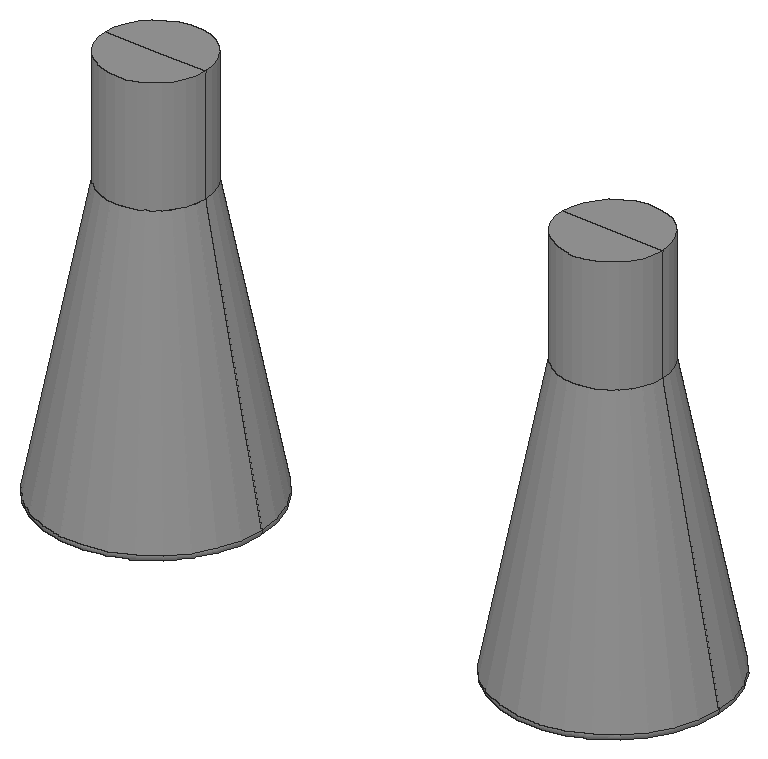
Revit family "Andreu World Reverse Conference ME5158", category Mobiliario, Revit 2014
Parameters (values of type "ME-5158 2200x1200 Laminate")
  URL = "http://www.andreuworld.com/"
  Top Thickness = 30 mm
  Top Material = Andreu World Laminated White
  Top Length = 2200 mm
  Top Base = 715 mm
  Top Width = 1200 mm
  Reference = "ME-5158"
  R Base = 190 mm
  Modelo = "Reverse Conference"
  Height = 715 mm
  Fabricante = "Andreu World"
  Descripción = "Table"
  Base position = 690 mm
  Base Material = Andreu World Thermo-polymer White
  Base Height [instance] = 715 mm
Reference planes
  plane 1 "Centro (Frontal/Posterior)": y = 0
  plane 2: z = 0
  plane 3 "Centro Base": x = 487.159
  plane 4: x = 577.159
  plane 5: x = 677.159
  plane 6 "Base Height": z = 715
  plane 7: z = 510
  plane 8: z = 10
  plane 9: x = 397.159
  plane 10: x = 297.159
  plane 11 "Top thickness": z = 745
  plane 12: z = 738
  plane 13 "Glass": z = 750
  plane 14: x = 897.159
  plane 15: x = 1307.159
  plane 16: x = 1217.159
  plane 17: x = 1117.159
  plane 18: x = 1397.159
  plane 19: x = 1497.159
  plane 20: x = -202.841
  plane 21: y = 600
  plane 22: x = 1997.159
  plane 23: y = -600
  plane 24: y = 530
  plane 25: x = 1927.159
  plane 26: y = -530
  plane 27: x = -132.841
  plane 28: x = 1863.182
  plane 29: x = 1679.792
  plane 30: x = -68.864
  plane 31: x = 114.526
  plane 32: y = 435.339
  plane 33: y = 288.112
  plane 34: y = -435.339
  plane 35: y = -288.112
Forms (mm)
  Revolve 1, solid, material "Andreu World Thermo-polymer White" <- "Base Material", detail levels medium+fine
    sketch origin (0, 0, 0) x (1, 0, 0) y (0, 0, 1)
      loop
        line (487.159, 715) -> (487.159, 0) -> (667.497, 0)
        arc (667.497, 0) -> (674.895, 3.506) -> (676.866, 11.451) r 9.558
        line (676.866, 11.451) -> (577.159, 510) -> (577.159, 715) -> (487.159, 715)
      axis (487.159, 715) -> (487.159, 0)
    angle from 0 to 360
  Revolve 2, solid, material "Andreu World Thermo-polymer White" <- "Base Material", detail levels medium+fine
    sketch origin (1794.318, 0, 0) x (-1, 0, 0) y (0, 0, -1)
      loop
        line (487.159, -715) -> (577.159, -715) -> (577.159, -510) -> (676.866, -11.451)
        arc (676.866, -11.451) -> (674.895, -3.506) -> (667.497, 0) r 9.558
        line (667.497, 0) -> (487.159, 0) -> (487.159, -715)
      axis (487.159, -715) -> (487.159, 0)
    angle from 0 to 360
  Extrusion 3, solid, material "Andreu World Laminated White" <- "Top Material", detail levels coarse+medium
    sketch origin (0, 0, 0) x (1, 0, 0) y (0, 1, 0)
      loop
        arc (-69.841, -285.995) -> (5.678, -381.253) -> (114.564, -435.299) r 278.669
        arc (114.564, -435.299) -> (897.178, -530) -> (1679.792, -435.299) r 3281.121
        arc (1679.792, -435.299) -> (1788.119, -381.706) -> (1863.567, -287.29) r 278.669
        arc (1863.567, -287.29) -> (1927.159, 0.033) -> (1863.538, 287.349) r 680.734
        arc (1863.538, 287.349) -> (1788.093, 381.726) -> (1679.792, 435.299) r 278.669
        arc (1679.792, 435.299) -> (897.178, 530) -> (114.564, 435.299) r 3281.121
        arc (114.564, 435.299) -> (5.678, 381.253) -> (-69.841, 285.995) r 278.669
        arc (-69.841, 285.995) -> (-135.364, 0) -> (-69.841, -285.995) r 656.912
    from 715 <- "Top Base" to 745
  Sweep 4, solid, material "Andreu World Laminated White" <- "Top Material", detail levels coarse+medium
    path in 3D
      loop
        arc (114.564, -435.299, 745) -> (5.678, -381.253, 745) -> (-69.841, -285.995, 745) r 278.669
        arc (-69.841, -285.995, 745) -> (-135.364, 0, 745) -> (-69.841, 285.995, 745) r 656.912
        arc (-69.841, 285.995, 745) -> (5.678, 381.253, 745) -> (114.564, 435.299, 745) r 278.669
        arc (114.564, 435.299, 745) -> (897.178, 530, 745) -> (1679.792, 435.299, 745) r 3281.121
        arc (1679.792, 435.299, 745) -> (1788.093, 381.726, 745) -> (1863.538, 287.349, 745) r 278.669
        arc (1863.538, 287.349, 745) -> (1927.159, 0.033, 745) -> (1863.567, -287.29, 745) r 680.734
        arc (1863.567, -287.29, 745) -> (1788.119, -381.706, 745) -> (1679.792, -435.299, 745) r 278.669
        arc (1679.792, -435.299, 745) -> (897.178, -530, 745) -> (114.564, -435.299, 745) r 3281.121
    profile origin (897.178, -530, 745) x (0, -1, 0) y (0, 0, 1)
      loop
        line (0, -30) -> (70, -7) -> (70, 0) -> (0, 0) -> (0, -30)
Cuts and joins
  joined: Extrusion 3, Sweep 4
Lines and regions (mm)
  model lines, detail levels coarse+medium
    curve 1: circle (487.159, 0, 0) r 190 normal (0, 0, 1)
    curve 2: circle (1307.159, 0, 0) r 190 normal (0, 0, -1)
    curve 11: arc (1696.489, -503.278, 0) -> (897.178, -600, 0) -> (97.868, -503.278, 0) r 3351.121
    curve 12: arc (1926.742, -317.444, 0) -> (1832.306, -435.997, 0) -> (1696.489, -503.278, 0) r 348.669
    curve 13: arc (1926.709, 317.514, 0) -> (1997.159, 0.038, 0) -> (1926.742, -317.444, 0) r 750.734
    curve 14: arc (1696.489, 503.278, 0) -> (1832.276, 436.022, 0) -> (1926.709, 317.514, 0) r 348.669
    curve 15: arc (97.868, 503.278, 0) -> (897.178, 600, 0) -> (1696.489, 503.278, 0) r 3351.121
    curve 16: arc (-132.859, 316.47, 0) -> (-38.37, 435.657, 0) -> (97.868, 503.278, 0) r 348.669
    curve 17: arc (-132.859, -316.47, 0) -> (-205.364, 0, 0) -> (-132.859, 316.47, 0) r 726.912
    curve 18: arc (97.868, -503.278, 0) -> (-38.37, -435.657, 0) -> (-132.859, -316.47, 0) r 348.669
  sketch lines
    curve 3: arc (1679.792, -435.299, 745) -> (897.178, -530, 745) -> (114.564, -435.299, 745) r 3281.121
    curve 4: arc (1863.567, -287.29, 745) -> (1788.119, -381.706, 745) -> (1679.792, -435.299, 745) r 278.669
    curve 5: arc (1863.538, 287.349, 745) -> (1927.159, 0.033, 745) -> (1863.567, -287.29, 745) r 680.734
    curve 6: arc (1679.792, 435.299, 745) -> (1788.093, 381.726, 745) -> (1863.538, 287.349, 745) r 278.669
    curve 7: arc (114.564, 435.299, 745) -> (897.178, 530, 745) -> (1679.792, 435.299, 745) r 3281.121
    curve 8: arc (-69.841, 285.995, 745) -> (5.678, 381.253, 745) -> (114.564, 435.299, 745) r 278.669
    curve 9: arc (-69.841, -285.995, 745) -> (-135.364, 0, 745) -> (-69.841, 285.995, 745) r 656.912
    curve 10: arc (114.564, -435.299, 745) -> (5.678, -381.253, 745) -> (-69.841, -285.995, 745) r 278.669
Dimensions and locks
  "R Base": plane 5 to plane 3 "Centro Base"
  locked: plane 5 to plane 4 at 100
  locked: plane 8 to level at 10
  "Height": plane 6 "Base Height" to level
  plane 10 to plane 5 = 380 mm
  equal spacing: plane 10, plane 3 "Centro Base", plane 5
  locked: plane 10 to plane 9 at 100
  plane 6 "Base Height" to plane 7 = 205 mm
  "Top Thickness": plane 11 "Top thickness" to plane 6 "Base Height"
  locked: plane 11 "Top thickness" to plane 12 at 7
  plane 13 "Glass" to plane 11 "Top thickness" = 5 mm
  locked: plane 17 to plane 16 at 100
  plane 19 to plane 17 = 380 mm
  equal spacing: plane 19, plane 15, plane 17
  locked: plane 19 to plane 18 at 100
  "Top Width": plane 21 to plane 23
  equal spacing: plane 21, plane 1 "Centro (Frontal/Posterior)", plane 23
  "Top Length": plane 20 to plane 22
  equal spacing: plane 20, plane 14, plane 22
  locked: plane 20 to plane 27 at 70
  locked: plane 25 to plane 22 at 70
  locked: plane 26 to plane 23 at 70
  locked: plane 21 to plane 24 at 70
  "Base position": plane 20 to plane 3 "Centro Base"
  "Base position": plane 15 to plane 22
  locked: plane 20 to plane 30 at 133.977
  locked: plane 30 to plane 31 at 183.39
  locked: plane 28 to plane 22 at 133.977
  locked: plane 29 to plane 28 at 183.39
  locked: plane 21 to plane 32 at 164.661
  locked: plane 33 to plane 32 at 147.227
  locked: plane 34 to plane 23 at 164.661
  locked: plane 35 to plane 34 at 147.227
  "Base Height": plane 6 "Base Height" to level
  "R Base": radius of curve 1
  "R Base": radius of curve 2
  aligned and locked: level to plane 2
  aligned and locked: plane 6 "Base Height" to Revolve 1 sketch curve
  aligned and locked: Revolve 1 sketch curve to plane 3 "Centro Base"
  aligned and locked: Revolve 1 sketch curve to level
  aligned and locked: plane 4 to Revolve 1 sketch curve
  aligned and locked: Revolve 1 sketch curve to Revolve 1 sketch curve
  aligned and locked: Revolve 2 sketch curve to plane 15
  aligned and locked: plane 16 to Revolve 2 sketch curve
  aligned and locked: Revolve 2 sketch curve to Revolve 2 sketch curve
  aligned and locked: plane 29 to Extrusion 3 sketch curve
  aligned and locked: Extrusion 3 to plane 6 "Base Height"
  aligned and locked: Extrusion 3 to plane 11 "Top thickness"
  aligned and locked: Sweep 4 sketch curve to profile plane  (x2)
  aligned and locked: curve 11 to cut or joined group of Extrusion 3, Sweep 4
  aligned and locked: curve 12 to cut or joined group of Extrusion 3, Sweep 4
  aligned and locked: curve 13 to cut or joined group of Extrusion 3, Sweep 4
  aligned and locked: curve 14 to cut or joined group of Extrusion 3, Sweep 4
  aligned and locked: curve 15 to cut or joined group of Extrusion 3, Sweep 4
  aligned and locked: curve 16 to cut or joined group of Extrusion 3, Sweep 4
  aligned and locked: curve 17 to cut or joined group of Extrusion 3, Sweep 4
  aligned and locked: curve 18 to cut or joined group of Extrusion 3, Sweep 4
Automatic sketch dimensions
  Revolve 1 sketch curve to level = 0 mm
  Revolve 1 sketch curve to plane 7 = 0 mm
  Revolve 1 sketch curve to plane 6 "Base Height" = 0 mm
  Revolve 1 sketch curve to plane 5 = 9.662 mm
  Revolve 1 sketch curve to plane 5 = 0.293 mm
  level to Revolve 1 sketch curve = 9.558 mm
  Revolve 2 sketch curve to level = 0 mm  (x2)
  Revolve 2 sketch curve to plane 6 "Base Height" = 0 mm  (x2)
  Revolve 2 sketch curve to plane 7 = 0 mm
  Revolve 2 sketch curve to plane 17 = 9.662 mm
  Revolve 2 sketch curve to plane 17 = 0.293 mm
  plane 8 to Revolve 2 sketch curve = 1.451 mm
  plane 30 to Extrusion 3 sketch curve = 0.977 mm  (x2)
  plane 1 "Centro (Frontal/Posterior)" to Extrusion 3 sketch curve = 0 mm
  Extrusion 3 sketch curve to plane 31 = 66.507 mm  (x2)
  plane 3 "Centro Base" to Extrusion 3 sketch curve = 34.388 mm
  plane 14 to Extrusion 3 sketch curve = 0.019 mm  (x2)
  Extrusion 3 sketch curve to plane 29 = 66.468 mm  (x2)
  plane 35 to Extrusion 3 sketch curve = 123.439 mm
  plane 33 to Extrusion 3 sketch curve = 123.439 mm  (x2)
  plane 32 to Extrusion 3 sketch curve = 0.04 mm
  plane 34 to Extrusion 3 sketch curve = 0.04 mm
  Extrusion 3 sketch curve to Extrusion 3 sketch curve = 0 mm  (x4)
  Extrusion 3 sketch curve to plane 29 = 0 mm
  Sweep 4 sketch curve to profile plane = 70 mm
  Sweep 4 sketch curve to profile plane = 7 mm
  Sweep 4 sketch curve to profile plane = 30 mm
  plane 1 "Centro (Frontal/Posterior)" to curve 1 = 0 mm
  curve 1 to plane 3 "Centro Base" = 0 mm
  plane 1 "Centro (Frontal/Posterior)" to curve 2 = 0 mm
  curve 2 to plane 15 = 0 mm
